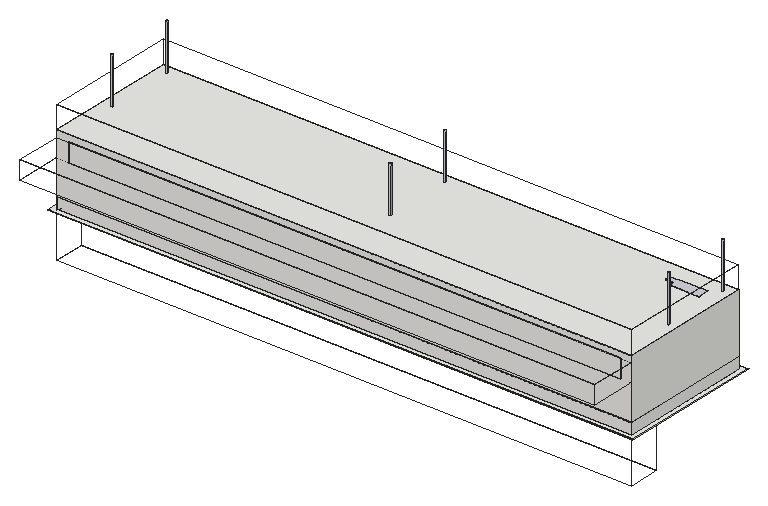
Revit family "AIRTECNICS_AIR CURTAIN_RECESSED DAM_AIR ONLY (A)123", category Mechanical Equipment, Revit 2016 (continued)
Types (16, lengths in mm): name | Weight | Product Size | Product Reference | Product Description | Power Fans Factor | Power Fans | Noise Level (dB(A)) | M | Length | G | EC | Current Fans | L | CT | CM | Apparent Load | Airflow
  RDAM M 1500 A | 66.00 kg | "1500" | "RDAM M 1500 A" | "Compact and low profile recessed air curtain with full grille view.\r\nSelf-supporting casing construction made of galvanized steel plate, ready to be installed recessed in a false ceiling. \r\nInlet grille (free of maintenance) made with aluminium profiles and blow-out nozzle, integrated in a single white frame colour RAL 9016. Other colours are available on request. \r\nDouble-inlet centrifugal fans driven by an external rotor motor and low noise level. 5-speed selector. \r\n“A” type without heating, air only. \r\nIncludes Plug&Play control with 7m RJ45 cable and infrared remote control. Optional: Clever control (programmable, automatic, intelligent, energy saving, Modbus RTU for BMS…)\r\nAir Volume: 2700 m3/h \r\nFans:  0,318 kW  1,41 A 230Vx1 50Hz\r\nDimensions: 627x310x1548 mm (depth, height, length)" | 0.98 | 0.318 kW | 56 | yes | 1548.0 | no | no | 1.41 A | 1500.0 | 4 | 2 | 324 VA | 2700 m³/h
  RDAM M 1000 A | 45.00 kg | "1000" | "RDAM M 1000 A" | "Compact and low profile recessed air curtain with full grille view.\r\nSelf-supporting casing construction made of galvanized steel plate, ready to be installed recessed in a false ceiling. \r\nInlet grille (free of maintenance) made with aluminium profiles and blow-out nozzle, integrated in a single white frame colour RAL 9016. Other colours are available on request. \r\nDouble-inlet centrifugal fans driven by an external rotor motor and low noise level. 5-speed selector. \r\n“A” type without heating, air only. \r\nIncludes Plug&Play control with 7m RJ45 cable and infrared remote control. Optional: Clever control (programmable, automatic, intelligent, energy saving, Modbus RTU for BMS…)\r\nAir Volume: 1800 m3/h \r\nFans:  0,212 kW  0,94 A 230Vx1 50Hz\r\nDimensions: 627x310x1048 mm (depth, height, length)" | 0.98 | 0.212 kW | 55 | yes | 1048.0 | no | no | 0.94 A | 1000.0 | 2 | 2 | 216 VA | 1800 m³/h
